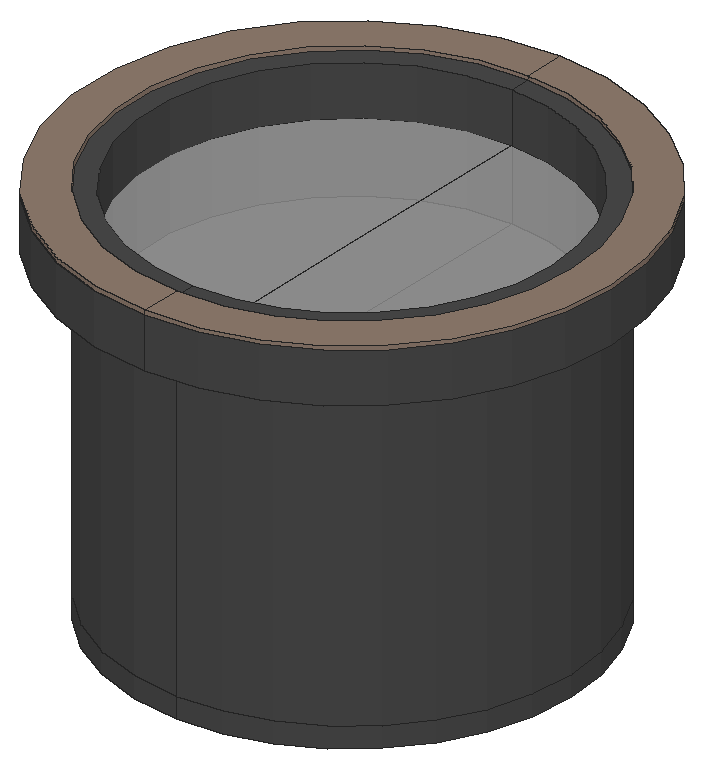
Revit family "LTV8SS", category Lighting Fixtures, host Face, Revit 2021
Family settings
  Host = Face
  Round Connector Dimension = Use Diameter
  Part Type = Normal
  OmniClass Number = 23.80.70.14.14
  OmniClass Title = Exterior Floodlights
  Cut with Voids When Loaded = No
  Light Source = Yes
  Shared = No
  Room Calculation Point = No
Parameters (values of type "LTV81SS")
  Wattage = 9.2903 W
  Warranty = "5 Years warranty"  # constant formula
  built-in parameter 1150110 = 1 (stored number, unit not read)
  Voltage = 120 V
  URL = "https://www.currentlighting.com/kimlighting"
  Type Comments = "Light Fixture"  # constant formula
  built-in parameter 1114217 = 1 (stored number, unit not read)
  Tilt Angle = 60.00°
  built-in parameter 1150109 = 1 (stored number, unit not read)
  built-in parameter 1150134 = 3
  built-in parameter 1150113 = 1 (stored number, unit not read)
  Radius = Diameter / 2  # 6.500"
  Product Page URL = ""
  Product Documentation Link = ""
  Photometric Web File = "ltv81ff-nf-36l3k.ies"
  Nominal Watts = 31 W
  Model = "Lightvault® 8 Stainless Steel "  # constant formula
  Material = Plastic - Black
  Manufacturer = "Kim Lighting"  # constant formula
  built-in parameter 1150105 = 109.82 (stored number, unit not read)
  Lumens = 1380 lm
  built-in parameter 1150115 = 1 (stored number, unit not read)
  built-in parameter 1150137 = (empty or 0)
  built-in parameter 1150139 = (empty or 0)
  Lens = White Glass
  built-in parameter 1150112 = 1 (stored number, unit not read)
  built-in parameter 1150114 = 1 (stored number, unit not read)
  Lamp = "LED"
  built-in parameter 1150132 = (empty or 0)
  built-in parameter 1150102 = (empty or 0)
  built-in parameter 1150107 = 3200 (stored number, unit not read)
  built-in parameter 1150138 = (empty or 0)
  built-in parameter 1150106 = 1.0982 (stored number, unit not read)
  Fixture = LTV8 : LTV81
  Finish = Bronze
  Features = "Bluetooth connectivity for remote control aiming and dimming\r\nFree Mobile App for Android and iOS\r\nMoves 15 degrees in any direction for optimal positioning\r\nVariable dimming to 20% in 1% increments\r\nIP68 sealed maintenance free LED light engine\r\nMultiple sizes: Small 8inch, Medium 10inch, Large 13inch"  # constant formula
  Emit from Circle Diameter = Diameter  # 13.000"
  Emit Shape Visible in Rendering = no
  built-in parameter 1150104 = 13.8 (stored number, unit not read)
  Dimming Lamp Color Temperature Shift = <None>
  Diameter = 13.000"
  Description = "Sealed Light Engine with Bluetooth® Connectivity. The newest generation of the venerable Lightvault family, Lightvault 8 features a sealed LED light engine and Bluetooth connectivity for aiming and dimming. Because the light engine is sealed, Lightvault 8 is maintenance free and impervious to water and debris. Lightvault 8 is the most durable, versatile, advanced in-grade luminaire solution available on the market today."  # constant formula
  Depth = 10.000"
  Default Elevation = 48.000"
  Copyright = "©  KIM LIGHTING "  # constant formula
  Color Filter = 16777215
  Certifications = "• (UL1598, UL8750). 25°C ambient operation.\r\n• SASO Certified for LTV82/83.\r\n• IEC 66262 Mechanical Impact Code IK09.\r\n• CISPR 15 Compliant, per product standard\r\nEN 55015:2013. "  # constant formula
  built-in parameter 1114218 = 1 (stored number, unit not read)
  built-in parameter 1150133 = 10 (stored number, unit not read)
  Apparent Load = 0 VA
Types (3): name | Radius | Photometric Web File | Fixture | Emit from Circle Diameter | Diameter | Depth
  LTV81SS | 6.500" | "ltv81ff-nf-36l3k.ies" | LTV8 : LTV81 | 13.000" | 13.000" | 10.000"
  LTV82SS | 5.1875" | "ltv82ff-nf-18l3k.ies" | LTV8 : LTV82 | 10.375" | 10.375" | 9.875"
  LTV83SS | 3.969" | "ltv83ff-nf-12l3k.ies" | LTV8 : LTV83 | 7.938" | 7.938" | 8.250"
Reference planes (in)
  plane 1 "Center (Front/Back)": y = 0
  plane 2: z = 0
  plane 3 "Center (Left/Right)": x = 0
  plane 4: y = 6.5
  plane 5: y = -6.5
  plane 6: z = -10
  plane 7: z = -9
  plane 8: y = 5
  plane 9: z = -1.25
  plane 10: z = -3
  plane 11: y = -5
  plane 12: y = 4.5
  plane 13: z = -9.5
  plane 14: z = -9.25
  plane 15: y = 5.5
Forms (in)
  Revolve 1, solid, material "Plastic - Black" <- "Material"
    sketch origin (0, 0, 0) x (0, 1, 0) y (0, 0, 1)
      loop
        line (6.5, 0) -> (5, 0) -> (5, -3) -> (0, -3) -> (0, -10) -> (4.5, -10) -> (4.5, -9.5) -> (5.5, -9.5) -> (5.5, -9) -> (5.5, -1.25) -> (6.5, -1.25) -> (6.5, 0)
      axis (0, -10) -> (0, 0)
    angle from 0 to 360
  Revolve 2, solid, material "White Glass" <- "Lens"
    sketch origin (0, 0, 0) x (0, 1, 0) y (0, 0, 1)
      loop
        line (0, -1.25) -> (0, -3) -> (5, -3) -> (5, -1.25) -> (0, -1.25)
      axis (0, -3) -> (0, -1.25)
    angle from 0 to 360
  Extrusion 3, void
    sketch origin (0, 0, 0) x (1, 0, 0) y (0, 1, 0)
      loop
        circle (0, 0) r 6.5
    from -10 to 0
Dimensions and locks (in)
  locked: level to plane 9 at 1.25
  locked: plane 9 to plane 10 at 1.75
  "Depth": level to plane 6
  locked: plane 7 to plane 6 at 1
  equal spacing: plane 5, plane 1 "Center (Front/Back)", plane 4
  "Diameter": plane 5 to plane 4
  locked: plane 5 to plane 11 at 1.5
  locked: plane 8 to plane 4 at 1.5
  locked: plane 12 to plane 8 at 0.5
  locked: plane 13 to plane 6 at 0.5
  locked: plane 14 to plane 13 at 0.25
  locked: plane 8 to plane 15 at 0.5
  "Radius": radius of Extrusion 3 sketch curve
  aligned and locked: plane 2 to host face
  aligned and locked: level to host face
  aligned and locked: Revolve 1 sketch curve to plane 6
  aligned and locked: plane 1 "Center (Front/Back)" to Revolve 1 sketch curve
  aligned and locked: plane 9 to Revolve 1 sketch curve
  aligned and locked: Revolve 1 sketch curve to plane 1 "Center (Front/Back)"
  aligned and locked: plane 12 to Revolve 1 sketch curve
  aligned and locked: plane 13 to Revolve 1 sketch curve
  aligned and locked: plane 15 to Revolve 1 sketch curve
  aligned and locked: Revolve 2 sketch curve to plane 1 "Center (Front/Back)"  (x2)
  aligned and locked: plane 10 to Revolve 2 sketch curve
  aligned and locked: plane 8 to Revolve 2 sketch curve
  aligned and locked: Revolve 1 sketch curve to plane 10
  aligned and locked: level to Extrusion 3
  aligned and locked: Extrusion 3 to plane 6
  aligned and locked: plane 3 "Center (Left/Right)" to Extrusion 3 sketch curve
  aligned and locked: plane 1 "Center (Front/Back)" to nested 1
  aligned and locked: plane 3 "Center (Left/Right)" to nested 1
Automatic sketch dimensions
  host sketch curve to host sketch curve = 96.000"  (x2)
  Revolve 1 sketch curve to plane 8 = 0.000"
  Revolve 1 sketch curve to level = 0.000"
  Revolve 1 sketch curve to plane 4 = 0.000"
  Revolve 1 sketch curve to plane 7 = 0.000"
  Revolve 1 sketch curve to plane 6 = 10.97429"
  level to Revolve 1 sketch curve = 92.27586"
  Revolve 2 sketch curve to plane 9 = 0.000"
  Revolve 2 sketch curve to plane 6 = 14.125"
  level to Revolve 2 sketch curve = 92.27586"
  plane 1 "Center (Front/Back)" to Extrusion 3 sketch curve = 0.000"
Nested families (in)
  nested 1: "LTV8" at (0, 0, 0), type <- "Fixture", type "LTV81"
    with Material Plastic - Black, Lens White Glass, Finish Bronze, Diameter 13.000", Depth 10.000"
Connectors (in)
  electrical at (0, 0, 0), driven by "Description"
    settings: index 1, voltage 0 V, apparent load 0 VA, apparent load phase1 0 VA, apparent load phase2 0 VA, apparent load phase3 0 VA, power factor 1, load classification "Other", number of poles 1, system type 30, power factor state 1, is connector primary yes, connector utility no, sub classification motor no, connector description "Sealed Light Engine with Bluetooth® Connectivity. The newest generation of the venerable Lightvault family, Lightvault 8 features a sealed LED light engine and Bluetooth connectivity for aiming and dimming. Because the light engine is sealed, Lightvault 8 is maintenance free and impervious to water and debris. Lightvault 8 is the most durable, versatile, advanced in-grade luminaire solution available on the market today."
Definition of nested family "LTV8"
  Parameters
    URL = "http://www.kimlighting.com/"
    Product Page URL = ""
    Product Documentation Link = ""
    Material [instance] = none
    Manufacturer Phone = "626/968-5666"  # constant formula
    Manufacturer Fax = "626/968-5716"  # constant formula
    Manufacturer = "Kim Lighting"  # constant formula
    Lens [instance] = none
    Finish [instance] = none
    Diameter = 7.938"
    Depth = 8.250"
    Default Elevation = 48.000"
  Reference planes (in)
    plane 1 "Center (Front/Back)": y = 0
    plane 2: z = 0
    plane 3 "Center (Left/Right)": x = 0
    plane 4: y = 3.969
    plane 5: y = -3.969
    plane 6: x = 0.5
    plane 7: x = -0.5
    plane 8: z = 0.1
    plane 9: y = 2.969
  Forms (in)
    Revolve 1, solid, material <- "Finish"
      sketch origin (0, 0, 0) x (0, 1, 0) y (0, 0, 1)
        loop
          line (2.969, 0.1) -> (2.969, 0) -> (3.969, 0) -> (3.969, 0.1) -> (2.969, 0.1)
        axis (0, 0) -> (0, 0.1)
      angle from 0 to 360
  Dimensions and locks (in)
    equal spacing: plane 4, plane 1 "Center (Front/Back)", plane 5  (x2)
    "Diameter": plane 4 to plane 5
    equal spacing: plane 7, plane 3 "Center (Left/Right)", plane 6
    locked: plane 8 to level at 0.1
    locked: plane 9 to plane 4 at 1
    aligned and locked: plane 2 to level
    aligned and locked: Revolve 1 sketch curve to plane 8
    aligned and locked: level to Revolve 1 sketch curve
    aligned and locked: Revolve 1 sketch curve to plane 1 "Center (Front/Back)"
    aligned and locked: plane 4 to Revolve 1 sketch curve
    aligned and locked: Revolve 1 sketch curve to plane 9
  Automatic sketch dimensions
    Revolve 1 sketch curve to level = 24.000"
    plane 8 to Revolve 1 sketch curve = 92.17586"
